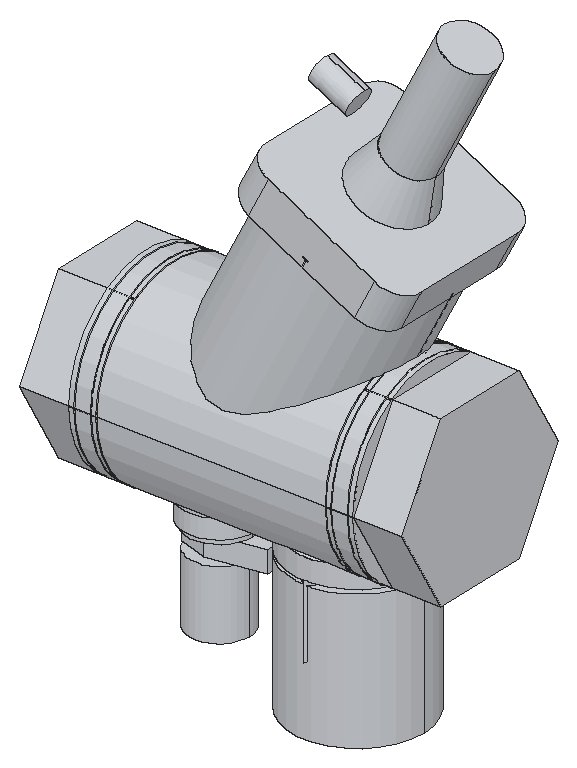
Revit family "PV_Compact_DN050_ 20-80_FF_měř-vyp_RFA_2018", category Pipe Accessories, Revit 2018
Family settings
  Round Connector Dimension = Use Diameter
  Part Type = Valve - Breaks Into
  Work Plane-Based = No
  Always vertical = Yes
  Cut with Voids When Loaded = No
  Shared = No
Parameters (values of type "PV Compact DN50 FF s měřením a vypouštěním (20-80kPa)")
  magiProductId = "7572286e99104aaeaae4a504f9a6dd"
  magiProductFamilyId = "88c57951ecb64b5d83dd1d4eb8fc72"
  magiPartTypeId = 304
  isMeasuringValve [instance] = no
  ang2D [instance] = 0.00°
  Z7 = 15 mm
  Z6 = 46.8 mm
  Z5 = 109.2 mm
  Z4 = 93.6 mm
  Z3 = 15.6 mm
  Z2 = 78 mm
  XR3 = 42.5 mm
  XR2 = 37.5 mm
  XR1 = 25.5 mm
  W2D = 15 mm
  VersionID = "2.0/2018.12.13.2/FRESE_PV_COMPACT_PLUG_Q13_001"
  Use Minimum Symbol Size [instance] = no
  URL = "www.hydronic.cz"
  Type Comments = "závitový s vnitřním závitem; s měřicí vsuvkou a vypouštěním; PN25; dpmax=450kPa; -10~+120°C"
  R5 = 5 mm
  R4 = 15 mm
  R3 = 10 mm
  R2 = 35.25 mm
  R1 = 31.5 mm
  QmdConnectorList = "301;D;302;D"
  Productdata [instance] = ""
  PH__ve = -PH  # -26.4 mm
  PH = 26.4 mm
  NL__ve = -NL  # -27.6 mm
  NL = 27.6 mm
  Manufacturer = "Hydronic Systems Prague s.r.o."
  MC Use Limits From Balancing Method = no
  MC Throttling Minimum Value = 0
  MC Throttling Maximum Value = 0
  MC Product Code = "53-3250 DN50; FF; nastavitelný rozsah dp=20~80kPa; Q=5000~11500l/h;  kvs=16,2"
  MC Pressure Drop Minimum Value = 0.0 Pa
  MC Pressure Drop Maximum Value = 0.0 Pa
  MC Piping Given Pressure Drop [instance] = 0.0 Pa
  M5 = 51.4 mm
  M4 = 49.4 mm
  M3 = 43.4 mm
  M2 = 41.4 mm
  LP = 69 mm
  LM = 82.8 mm
  LL__ve = -LL  # -7.7 mm
  LLT__ve = -LLT  # -28.9 mm
  LLT = 28.9 mm
  LL2 = 52 mm
  LL = 7.7 mm
  L3 = 25 mm
  L2D_Min = 30.48 mm
  L2D = 65 mm
  Description = "Nastavitelný regulátor tlakové diference"
  DR1 = yes
  DR0 = no
  DL2 = 86 mm
  D = 50 mm
  CenSd_R2_6 = R2 * cos(30.00°)  # 30.527 mm
  CAT0 = yes
  C0D1 = yes
  C0D0 = no
Types (10, lengths in mm): name | magiProductId | Z6 | Z5 | Z4 | Z3 | Z2 | XR3 | XR2 | XR1 | R2 | R1 | PH__ve | PH | NL__ve | NL | MC Product Code | M5 | M4 | M3 | M2 | LP | LM | LL__ve | LLT__ve | LLT | LL2 | LL | L3 | DL2 | D | CenSd_R2_6
  PV Compact DN15 FF s měřením a vypouštěním (20-60kPa) | "ebd4dd38c61a47e78db1b31e427098" | 24.6 | 57.4 | 49.2 | 8.2 | 41 | 30 | 25 | 13 | 14 | 19 | -22.4 | 22.4 | -15 | 15 | "53-3243 DN15; FF; nastavitelný rozsah dp=20~60kPa; Q=100~1000l/h;  kvs=2,9" | 32.5 | 30.5 | 24.5 | 22.5 | 37.5 | 45 | -5.7 | -14.9 | 14.9 | 32 | 5.7 | 11 | 66 | 15 | 12.124
  PV Compact DN15 FF s měřením a vypouštěním ( 5-30kPa) | "1e13aaf8f1b54965adca1ab26bd771" | 24.6 | 57.4 | 49.2 | 8.2 | 41 | 30 | 25 | 13 | 14 | 19 | -22.4 | 22.4 | -15 | 15 | "53-3242 DN15; FF; nastavitelný rozsah dp=5~30kPa; Q=50~600l/h;  kvs=2,9" | 32.5 | 30.5 | 24.5 | 22.5 | 37.5 | 45 | -5.7 | -14.9 | 14.9 | 32 | 5.7 | 11 | 66 | 15 | 12.124
  PV Compact DN20 FF s měřením a vypouštěním (20-60kPa) | "6d4e29c475624129ae1d8630218e83" | 24.6 | 57.4 | 49.2 | 8.2 | 41 | 30 | 25 | 13 | 14 | 19 | -22.4 | 22.4 | -15.8 | 15.8 | "53-3245 DN20; FF; nastavitelný rozsah dp=20~60kPa; Q=150~2000l/h;  kvs=3,5" | 33.7 | 31.7 | 25.7 | 23.7 | 39.5 | 47.4 | -5.7 | -14.9 | 14.9 | 32 | 5.7 | 11 | 66 | 20 | 12.124
  PV Compact DN20 FF s měřením a vypouštěním ( 5-30kPa) | "3c7d936801344d2a9486b3d5f20c15" | 24.6 | 57.4 | 49.2 | 8.2 | 41 | 30 | 25 | 13 | 14 | 19 | -22.4 | 22.4 | -15.8 | 15.8 | "53-3244 DN20; FF; nastavitelný rozsah dp=5~30kPa; Q=100~1000l/h;  kvs=3,5" | 33.7 | 31.7 | 25.7 | 23.7 | 39.5 | 47.4 | -5.7 | -14.9 | 14.9 | 32 | 5.7 | 11 | 66 | 20 | 12.124
  PV Compact DN25 FF s měřením a vypouštěním ( 5-30kPa) | "40b783a088714ff8af367f7ba18a04" | 25.5 | 59.5 | 51 | 8.5 | 42.5 | 30 | 25 | 13 | 14 | 19 | -22.8 | 22.8 | -16.6 | 16.6 | "53-3251 DN25; FF; nastavitelný rozsah dp=5~30kPa; Q=600~2100l/h;  kvs=4,0" | 34.9 | 32.9 | 26.9 | 24.9 | 41.5 | 49.8 | -5.9 | -16.3 | 16.3 | 34 | 5.9 | 11 | 68 | 25 | 12.124
  PV Compact DN25L FF s měřením a vypouštěním (20-80kPa) | "7052257d0cc94620b8f60c4ac85ccd" | 40.2 | 93.8 | 80.4 | 13.4 | 67 | 42.5 | 37.5 | 25.5 | 26.5 | 31.5 | -23.6 | 23.6 | -20 | 20 | "53-3247 DN25; FF; nastavitelný rozsah dp=20~80kPa; Q=750~4200l/h;  kvs=8,7" | 40 | 38 | 32 | 30 | 50 | 60 | -6.3 | -19.1 | 19.1 | 38 | 6.3 | 11 | 72 | 25 | 22.95
  PV Compact DN25L FF s měřením a vypouštěním ( 5-30kPa) | "006ff7ff77e34fd39e52f3f4c37192" | 40.2 | 93.8 | 80.4 | 13.4 | 67 | 42.5 | 37.5 | 25.5 | 26.5 | 31.5 | -23.6 | 23.6 | -20 | 20 | "53-3246 DN25L; FF; nastavitelný rozsah dp=5~30kPa; Q=600~2500l/h;  kvs=8,7" | 40 | 38 | 32 | 30 | 50 | 60 | -6.3 | -19.1 | 19.1 | 38 | 6.3 | 11 | 72 | 25 | 22.95
  PV Compact DN32 FF s měřením a vypouštěním (20-80kPa) | "e53839f5e58040c69ad69dcf8b7122" | 40.2 | 93.8 | 80.4 | 13.4 | 67 | 42.5 | 37.5 | 25.5 | 26.5 | 31.5 | -24.6 | 24.6 | -20.8 | 20.8 | "53-3248 DN32; FF; nastavitelný rozsah dp=20~80kPa; Q=1000~5000l/h;  kvs=10,1" | 41.2 | 39.2 | 33.2 | 31.2 | 52 | 62.4 | -6.8 | -22.6 | 22.6 | 43 | 6.8 | 25 | 77 | 32 | 22.95
  PV Compact DN40 FF s měřením a vypouštěním (20-80kPa) | "edae53f0ee9843aa9c005a0dbc2db4" | 46.8 | 109.2 | 93.6 | 15.6 | 78 | 42.5 | 37.5 | 25.5 | 26.5 | 31.5 | -25.2 | 25.2 | -27.6 | 27.6 | "53-3249 DN40; FF; nastavitelný rozsah dp=20~80kPa; Q=3000~8000l/h;  kvs=15,8" | 51.4 | 49.4 | 43.4 | 41.4 | 69 | 82.8 | -7.1 | -24.7 | 24.7 | 46 | 7.1 | 25 | 80 | 40 | 22.95
  PV Compact DN50 FF s měřením a vypouštěním (20-80kPa) | "7572286e99104aaeaae4a504f9a6dd" | 46.8 | 109.2 | 93.6 | 15.6 | 78 | 42.5 | 37.5 | 25.5 | 35.25 | 31.5 | -26.4 | 26.4 | -27.6 | 27.6 | "53-3250 DN50; FF; nastavitelný rozsah dp=20~80kPa; Q=5000~11500l/h;  kvs=16,2" | 51.4 | 49.4 | 43.4 | 41.4 | 69 | 82.8 | -7.7 | -28.9 | 28.9 | 52 | 7.7 | 25 | 86 | 50 | 30.527
Reference planes
  plane 1 "Center (Front/Back)": y = 0
  plane 2 "XYPLANE": z = 0
  plane 3 "Center (Left/Right)": x = 0
  plane 4 "408": x = 69
  plane 5 "407": x = -69
  plane 6 "402": z = -86
  plane 7 "213": x = 25
  plane 8 "168": z = -24.9
  plane 9 "167": z = -26.9
  plane 10 "166": z = -34.6
  plane 11 "165": z = -42.3
  plane 12 "164": z = -44.3
  plane 13 "154": z = 0
  plane 14 "152": y = 0
  plane 15 "151": z = -52
  plane 16 "150": x = -25
  plane 17 "75": through (307.08, 0, 685.28) normal (0.891, 0, -0.454)
  plane 18 "74": x = 51.4
  plane 19 "73": x = 49.4
  plane 20 "72": x = 43.4
  plane 21 "71": x = 41.4
  plane 22 "70": x = -51.4
  plane 23 "69": x = -49.4
  plane 24 "68": x = -43.4
  plane 25 "67": y = 0
  plane 26 "66": through (-666.893, 0, 343.166) normal (0.454, 0, 0.891)
  plane 27 "65": x = -41.4
  plane 28 "64": through (335.147, 0, 670.979) normal (0.891, 0, -0.454)
  plane 29 "63": through (-632.844, 0, 409.991) normal (0.454, 0, 0.891)
  plane 30 "62": through (363.214, 0, 656.678) normal (0.891, 0, -0.454)
  plane 31 "61": y = 31.5
  plane 32 "60": y = -31.5
  plane 33 "59": through (-625.761, 0, 423.891) normal (0.454, 0, 0.891)
  plane 34 "58": through (-618.679, 0, 437.791) normal (0.454, 0, 0.891)
  plane 35 "57": through (302.625, 0, 687.549) normal (0.891, 0, -0.454)
  plane 36 "56": x = 0
  plane 37 "55": through (-668.255, 0, 340.493) normal (0.454, 0, 0.891)
  plane 38 "102XY": through (-668.255, 0, 340.493) normal (0.454, 0, 0.891)
  plane 39 "102XZ": y = 0
  plane 40 "102YZ": through (340.493, 0, 668.255) normal (0.891, 0, -0.454)
Forms (mm)
  Extrusion 1, solid
    sketch origin (69, -750, 0) x (0, 1, 0) y (0, 0, 1)
      loop
        line (785.25, 0) -> (767.625, 30.527) -> (732.375, 30.527) -> (714.75, 0) -> (732.375, -30.527) -> (767.625, -30.527) -> (785.25, 0)
    from 0 to -27.6 <- "NL__ve"
  Extrusion 2, solid
    sketch origin (-69, -750, 0) x (0, 1, 0) y (0, 0, 1)
      loop
        line (714.75, 0) -> (732.375, -30.527) -> (767.625, -30.527) -> (785.25, 0) -> (767.625, 30.527) -> (732.375, 30.527) -> (714.75, 0)
    from 0 to 27.6 <- "NL"
  Extrusion 3, solid, visible <- "C0D1"
    sketch origin (-750, 0, -86) x (1, 0, 0) y (0, 1, 0)
      loop
        circle (775, 0) r 24
    from 0 to 50
  Extrusion 4, solid, visible <- "DR1"
    sketch origin (-750, 0, -34.6) x (1, 0, 0) y (0, 1, 0)
      loop
        line (775, -24.5) -> (790.292, -6) -> (790.292, 6) -> (775, 24.5) -> (750.608, 6) -> (750.608, -6) -> (775, -24.5)
    from 0 to -26.4 <- "PH__ve"
  Extrusion 5, solid, visible <- "DR1"
    sketch origin (-750, 0, -34.6) x (1, 0, 0) y (0, 1, 0)
      loop
        circle (775, 0) r 24
    from 0 to 7.7 <- "LL"
  Blend 6, solid, visible <- "DR1"
    base sketch origin (-750, 0, -24.9) x (1, 0, 0) y (0, 1, 0)
      loop
        circle (775, 0) r 21.5
    top sketch origin (-750, 0, -24.9) x (1, 0, 0) y (0, 1, 0)
      loop
        circle (775, 0) r 24
    from 0 to -2
  Extrusion 7, solid, visible <- "DR1"
    sketch origin (-750, 0, 0) x (1, 0, 0) y (0, 1, 0)
      loop
        circle (775, 0) r 21.5
    from 0 to -28.9 <- "LLT__ve"
  Extrusion 8, solid, visible <- "C0D0"
    sketch origin (-750, 0, -52) x (1, 0, 0) y (0, 1, 0)
      loop
        circle (775, 0) r 20
    from 0 to -25
  Extrusion 9, solid, visible <- "DR0"
    sketch origin (-750, 0, -44.3) x (1, 0, 0) y (0, 1, 0)
      loop
        line (775, -7) -> (785.962, -3.5) -> (785.962, 3.5) -> (775, 7) -> (754.938, 3.5) -> (754.938, -3.5) -> (775, -7)
    from 0 to -7.7 <- "LL__ve"
  Extrusion 10, solid, visible <- "DR0"
    sketch origin (-750, 0, -44.3) x (1, 0, 0) y (0, 1, 0)
      loop
        circle (775, 0) r 21
    from 0 to 2
  Extrusion 11, solid, visible <- "DR0"
    sketch origin (-750, 0, -34.6) x (1, 0, 0) y (0, 1, 0)
      loop
        circle (775, 0) r 23
    from 0 to 7.7 <- "LL"
  Blend 12, solid, visible <- "DR0"
    base sketch origin (-750, 0, -24.9) x (1, 0, 0) y (0, 1, 0)
      loop
        circle (775, 0) r 20.5
    top sketch origin (-750, 0, -24.9) x (1, 0, 0) y (0, 1, 0)
      loop
        circle (775, 0) r 23
    from 0 to -2
  Extrusion 13, solid, visible <- "DR0"
    sketch origin (-750, 0, 0) x (1, 0, 0) y (0, 1, 0)
      loop
        circle (775, 0) r 20.5
    from 0 to -28.9 <- "LLT__ve"
  Extrusion 14, solid, visible <- "DR0"
    sketch origin (-750, 0, 0) x (1, 0, 0) y (0, 1, 0)
      loop
        circle (775, 0) r 20.5
    from 0 to -28.9 <- "LLT__ve"
  Blend 15, solid, visible <- "DR0"
    base sketch origin (-750, 0, -24.9) x (1, 0, 0) y (0, 1, 0)
      loop
        circle (775, 0) r 20.5
    top sketch origin (-750, 0, -24.9) x (1, 0, 0) y (0, 1, 0)
      loop
        circle (775, 0) r 23
    from 0 to -2
  Extrusion 16, solid, visible <- "DR0"
    sketch origin (-750, 0, -34.6) x (1, 0, 0) y (0, 1, 0)
      loop
        circle (775, 0) r 23
    from 0 to 7.7 <- "LL"
  Extrusion 17, solid, visible <- "DR0"
    sketch origin (-750, 0, -42.3) x (1, 0, 0) y (0, 1, 0)
      loop
        circle (775, 0) r 22
    from 0 to 7.7 <- "LL"
  Extrusion 18, solid, visible <- "DR0"
    sketch origin (-750, 0, -44.3) x (1, 0, 0) y (0, 1, 0)
      loop
        circle (775, 0) r 21
    from 0 to 2
  Extrusion 19, solid, visible <- "DR0"
    sketch origin (-750, 0, -44.3) x (1, 0, 0) y (0, 1, 0)
      loop
        line (775, -7) -> (785.962, -3.5) -> (785.962, 3.5) -> (775, 7) -> (754.938, 3.5) -> (754.938, -3.5) -> (775, -7)
    from 0 to -7.7 <- "LL__ve"
  Extrusion 20, solid, visible <- "C0D0"
    sketch origin (-750, 0, -52) x (1, 0, 0) y (0, 1, 0)
      loop
        circle (775, 0) r 20
    from 0 to -25
  Extrusion 21, solid, visible <- "CAT0"
    sketch origin (-750, 0, -52) x (1, 0, 0) y (0, 1, 0)
      loop
        circle (725, 0) r 10.9
    from 0 to -25
  Extrusion 22, solid
    sketch origin (-750, 0, -44.3) x (1, 0, 0) y (0, 1, 0)
      loop
        line (725, -7) -> (745.062, -3.5) -> (745.062, 3.5) -> (725, 7) -> (714.038, 3.5) -> (714.038, -3.5) -> (725, -7)
    from 0 to -7.7 <- "LL__ve"
  Extrusion 23, solid
    sketch origin (-750, 0, -44.3) x (1, 0, 0) y (0, 1, 0)
      loop
        circle (725, 0) r 11.9
    from 0 to 2
  Extrusion 24, solid
    sketch origin (-750, 0, -42.3) x (1, 0, 0) y (0, 1, 0)
      loop
        circle (725, 0) r 12.9
    from 0 to 7.7 <- "LL"
  Extrusion 25, solid
    sketch origin (-750, 0, -34.6) x (1, 0, 0) y (0, 1, 0)
      loop
        circle (725, 0) r 13.9
    from 0 to 7.7 <- "LL"
  Blend 26, solid
    base sketch origin (-750, 0, -24.9) x (1, 0, 0) y (0, 1, 0)
      loop
        circle (725, 0) r 11.4
    top sketch origin (-750, 0, -24.9) x (1, 0, 0) y (0, 1, 0)
      loop
        circle (725, 0) r 13.9
    from 0 to -2
  Extrusion 27, solid
    sketch origin (-750, 0, 0) x (1, 0, 0) y (0, 1, 0)
      loop
        circle (725, 0) r 11.4
    from 0 to -28.9 <- "LLT__ve"
  Blend 28, solid, visible <- "CAT0"
    base sketch origin (49.4, -750, 0) x (0, 1, 0) y (0, 0, 1)
      loop
        circle (750, 0) r 35.25
    top sketch origin (49.4, -750, 0) x (0, 1, 0) y (0, 0, 1)
      loop
        circle (750, 0) r 35.25
    from 0 to 2
  Extrusion 29, solid, visible <- "CAT0"
    sketch origin (43.4, -750, 0) x (0, 1, 0) y (0, 0, 1)
      loop
        circle (750, 0) r 35.25
    from 0 to 6
  Blend 30, solid, visible <- "CAT0"
    base sketch origin (41.4, -750, 0) x (0, 1, 0) y (0, 0, 1)
      loop
        circle (750, 0) r 35.25
    top sketch origin (41.4, -750, 0) x (0, 1, 0) y (0, 0, 1)
      loop
        circle (750, 0) r 35.25
    from 0 to 2
  Blend 31, solid, visible <- "CAT0"
    base sketch origin (-49.4, -750, 0) x (0, 1, 0) y (0, 0, 1)
      loop
        circle (750, 0) r 35.25
    top sketch origin (-49.4, -750, 0) x (0, 1, 0) y (0, 0, 1)
      loop
        circle (750, 0) r 35.25
    from 0 to -2
  Extrusion 32, solid, visible <- "CAT0"
    sketch origin (-49.4, -750, 0) x (0, 1, 0) y (0, 0, 1)
      loop
        circle (750, 0) r 35.25
    from 0 to 6
  Blend 33, solid, visible <- "CAT0"
    base sketch origin (-43.4, -750, 0) x (0, 1, 0) y (0, 0, 1)
      loop
        circle (750, 0) r 35.25
    top sketch origin (-43.4, -750, 0) x (0, 1, 0) y (0, 0, 1)
      loop
        circle (750, 0) r 35.25
    from 0 to 2
  Extrusion 34, solid, visible <- "CAT0"
    sketch origin (-41.4, -750, 0) x (0, 1, 0) y (0, 0, 1)
      loop
        circle (750, 0) r 35.25
    from 0 to 82.8 <- "LM"
  Extrusion 35, solid, visible <- "CAT0"
    sketch origin (-666.893, 0, 343.166) x (0.891007, 0, -0.45399) y (0, 1, 0)
      loop
        circle (744, 0) r 31.5
    from 0 to 78 <- "Z2"
  Extrusion 36, solid, visible <- "CAT0"
    sketch origin (-632.844, 0, 409.991) x (0.891007, 0, -0.45399) y (0, 1, 0)
      loop
        arc (722.5, 31.5) -> (715.429, 28.571) -> (712.5, 21.5) r 10
        line (712.5, 21.5) -> (712.5, -21.5)
        arc (712.5, -21.5) -> (715.429, -28.571) -> (722.5, -31.5) r 10
        line (722.5, -31.5) -> (765.5, -31.5)
        arc (765.5, -31.5) -> (772.571, -28.571) -> (775.5, -21.5) r 10
        line (775.5, -21.5) -> (775.5, 21.5)
        arc (775.5, 21.5) -> (772.571, 28.571) -> (765.5, 31.5) r 10
        line (765.5, 31.5) -> (722.5, 31.5)
    from 0 to 15.6 <- "Z3"
  Blend 37, solid, visible <- "CAT0"
    base sketch origin (-625.761, 0, 423.891) x (0.891007, 0, -0.45399) y (0, 1, 0)
      loop
        circle (744, 0) r 15
    top sketch origin (-625.761, 0, 423.891) x (0.891007, 0, -0.45399) y (0, 1, 0)
      loop
        circle (744, 0) r 10
    from 0 to 15.6
  Extrusion 38, solid, visible <- "CAT0"
    sketch origin (-618.679, 0, 437.791) x (0.891007, 0, -0.45399) y (0, 1, 0)
      loop
        circle (744, 0) r 10
    from 0 to 46.8 <- "Z6"
  Extrusion 39, solid, visible <- "CAT0"
    sketch origin (302.625, 0, 687.549) x (-0.45399, 0, -0.891007) y (0, 1, 0)
      loop
        circle (640.8, 0) r 5
    from 0 to 15 <- "Z7"
  Blend 40, solid, visible <- "CAT0"
    base sketch origin (-668.255, 0, 340.493) x (0.891007, 0, -0.45399) y (0, 1, 0)
      loop
        circle (744, 0) r 27.5
    top sketch origin (-668.255, 0, 340.493) x (0.891007, 0, -0.45399) y (0, 1, 0)
      loop
        circle (744, 0) r 31.5
    from 0 to 3
  Extrusion 41, solid, not visible
    sketch origin (-51.4, -750, 0) x (0, 1, 0) y (0, 0, 1)
      loop
        circle (750, 0) r 22.5
    from 0 to 10
  Extrusion 42, solid, not visible
    sketch origin (51.4, -750, 0) x (0, 1, 0) y (0, 0, 1)
      loop
        circle (750, 0) r 22.5
    from 0 to -10
Lines and regions (mm)
  reference lines, not visible
    curve 1: circle (2, 2, 0) r 1 normal (0, 0, 1)
  reference lines
    curve 2: line (69, 0, 0) -> (69, -3.5, 6.062)
    curve 3: line (69, 0, 0) -> (69, -7, 0)
    curve 4: line (69, 0, 0) -> (69, -3.5, -6.062)
    curve 5: line (-69, 0, 0) -> (-69, 3.5, 6.062)
    curve 6: line (-69, 0, 0) -> (-69, 7, 0)
    curve 7: line (-69, 0, 0) -> (-69, 3.5, -6.062)
Dimensions and locks
  plane 1 "Center (Front/Back)" to curve 1 = 2 mm
  "LP": plane 36 "56" to plane 4 "408"
  "LP": plane 36 "56" to plane 5 "407"
  "DL2": plane 2 "XYPLANE" to plane 6 "402"
  "L3": plane 3 "Center (Left/Right)" to plane 7 "213"
  locked: plane 9 "167" to plane 8 "168" at 2
  "LL": plane 10 "166" to plane 9 "167"
  "LL": plane 11 "165" to plane 10 "166"
  locked: plane 12 "164" to plane 11 "165" at 2
  "LL": plane 15 "151" to plane 12 "164"
  locked: plane 2 "XYPLANE" to plane 13 "154"
  locked: plane 1 "Center (Front/Back)" to plane 14 "152"
  "LL2": plane 2 "XYPLANE" to plane 15 "151"
  "L3": plane 3 "Center (Left/Right)" to plane 16 "150"
  "XR2": plane 40 "102YZ" to plane 17 "75"
  "M5": plane 3 "Center (Left/Right)" to plane 18 "74"
  "M4": plane 3 "Center (Left/Right)" to plane 19 "73"
  "M3": plane 3 "Center (Left/Right)" to plane 20 "72"
  "M2": plane 3 "Center (Left/Right)" to plane 21 "71"
  "M5": plane 3 "Center (Left/Right)" to plane 22 "70"
  "M4": plane 3 "Center (Left/Right)" to plane 23 "69"
  "M3": plane 3 "Center (Left/Right)" to plane 24 "68"
  locked: plane 14 "152" to plane 25 "67"
  locked: plane 38 "102XY" to plane 26 "66" at 3
  "M2": plane 3 "Center (Left/Right)" to plane 27 "65"
  locked: plane 40 "102YZ" to plane 28 "64" at 6
  "Z2": plane 38 "102XY" to plane 29 "63"
  "XR1": plane 40 "102YZ" to plane 30 "62"
  "R1": plane 14 "152" to plane 31 "61"
  "R1": plane 14 "152" to plane 32 "60"
  "Z4": plane 38 "102XY" to plane 33 "59"
  "Z5": plane 38 "102XY" to plane 34 "58"
  "XR3": plane 40 "102YZ" to plane 35 "57"
  locked: plane 3 "Center (Left/Right)" to plane 36 "56"
  locked: plane 38 "102XY" to plane 37 "55"
  "CenSd_R2_6": curve 2 to Extrusion 1 sketch curve  (x2)
  "CenSd_R2_6": curve 3 to Extrusion 1 sketch curve  (x2)
  "CenSd_R2_6": curve 4 to Extrusion 1 sketch curve  (x2)
  Extrusion 1 sketch curve to Extrusion 1 sketch curve = 0 mm  (x12)
  "CenSd_R2_6": curve 5 to Extrusion 2 sketch curve  (x2)
  "CenSd_R2_6": curve 6 to Extrusion 2 sketch curve  (x2)
  "CenSd_R2_6": curve 7 to Extrusion 2 sketch curve  (x2)
  Extrusion 2 sketch curve to Extrusion 2 sketch curve = 0 mm  (x12)
  Extrusion 4 sketch curve to Extrusion 4 sketch curve = 0 mm  (x12)
  Extrusion 9 sketch curve to Extrusion 9 sketch curve = 0 mm  (x12)
  Extrusion 19 sketch curve to Extrusion 19 sketch curve = 0 mm  (x12)
  Extrusion 22 sketch curve to Extrusion 22 sketch curve = 0 mm  (x12)
  Extrusion 36 sketch curve to Extrusion 36 sketch curve = 0 mm  (x16)
  "R2": radius of Blend 28 sketch curve  (x2)
  "R2": radius of Extrusion 29 sketch curve
  "R2": radius of Blend 30 sketch curve  (x2)
  "R2": radius of Blend 31 sketch curve  (x2)
  "R2": radius of Extrusion 32 sketch curve
  "R2": radius of Blend 33 sketch curve  (x2)
  "R2": radius of Extrusion 34 sketch curve
  "R1": radius of Extrusion 35 sketch curve
  radius of Extrusion 36 sketch curve = 10 mm  (x4)
  "R3": radius of Blend 37 sketch curve
  "R4": radius of Blend 37 sketch curve
  "R3": radius of Extrusion 38 sketch curve
  "R5": radius of Extrusion 39 sketch curve
  "R1": radius of Blend 40 sketch curve
  locked: curve 3 to curve 2 (angle 60.00°)
  locked: curve 4 to curve 3 (angle 60.00°)
  locked: curve 4 to curve 2 (angle 120.00°)
  locked: curve 6 to curve 5 (angle 60.00°)
  locked: curve 7 to curve 6 (angle 60.00°)
  locked: curve 7 to curve 5 (angle 120.00°)
  aligned and locked: level to plane 2 "XYPLANE"
  aligned and locked: plane 13 "154" to curve 4
  aligned and locked: curve 4 to plane 14 "152"
  aligned and locked: plane 13 "154" to curve 7
  aligned and locked: curve 7 to plane 14 "152"
  aligned and locked: plane 7 "213" to Extrusion 3 sketch curve
  aligned and locked: plane 14 "152" to Extrusion 3 sketch curve
  aligned and locked: plane 7 "213" to Extrusion 5 sketch curve
  aligned and locked: plane 14 "152" to Extrusion 5 sketch curve
  aligned and locked: plane 7 "213" to Blend 6 sketch curve  (x2)
  aligned and locked: plane 14 "152" to Blend 6 sketch curve  (x2)
  aligned and locked: Blend 6 to plane 9 "167"
  aligned and locked: plane 7 "213" to Extrusion 7 sketch curve
  aligned and locked: plane 14 "152" to Extrusion 7 sketch curve
  aligned and locked: plane 7 "213" to Extrusion 8 sketch curve
  aligned and locked: plane 14 "152" to Extrusion 8 sketch curve
  aligned and locked: plane 7 "213" to Extrusion 10 sketch curve
  aligned and locked: plane 14 "152" to Extrusion 10 sketch curve
  aligned and locked: plane 7 "213" to Extrusion 11 sketch curve
  aligned and locked: plane 14 "152" to Extrusion 11 sketch curve
  aligned and locked: plane 7 "213" to Blend 12 sketch curve  (x2)
  aligned and locked: plane 14 "152" to Blend 12 sketch curve  (x2)
  aligned and locked: Blend 12 to plane 9 "167"
  aligned and locked: plane 7 "213" to Extrusion 13 sketch curve
  aligned and locked: plane 14 "152" to Extrusion 13 sketch curve
  aligned and locked: plane 7 "213" to Extrusion 14 sketch curve
  aligned and locked: plane 14 "152" to Extrusion 14 sketch curve
  aligned and locked: plane 7 "213" to Blend 15 sketch curve  (x2)
  aligned and locked: plane 14 "152" to Blend 15 sketch curve  (x2)
  aligned and locked: Blend 15 to plane 9 "167"
  aligned and locked: plane 7 "213" to Extrusion 16 sketch curve
  aligned and locked: plane 14 "152" to Extrusion 16 sketch curve
  aligned and locked: plane 7 "213" to Extrusion 17 sketch curve
  aligned and locked: plane 14 "152" to Extrusion 17 sketch curve
  aligned and locked: plane 7 "213" to Extrusion 18 sketch curve
  aligned and locked: plane 14 "152" to Extrusion 18 sketch curve
  aligned and locked: plane 7 "213" to Extrusion 20 sketch curve
  aligned and locked: plane 14 "152" to Extrusion 20 sketch curve
  aligned and locked: plane 14 "152" to Extrusion 21 sketch curve
  aligned and locked: plane 16 "150" to Extrusion 21 sketch curve
  aligned and locked: plane 14 "152" to Extrusion 23 sketch curve
  aligned and locked: plane 16 "150" to Extrusion 23 sketch curve
  aligned and locked: plane 14 "152" to Extrusion 24 sketch curve
  aligned and locked: plane 16 "150" to Extrusion 24 sketch curve
  aligned and locked: plane 14 "152" to Extrusion 25 sketch curve
  aligned and locked: plane 16 "150" to Extrusion 25 sketch curve
  aligned and locked: plane 14 "152" to Blend 26 sketch curve  (x2)
  aligned and locked: plane 16 "150" to Blend 26 sketch curve  (x2)
  aligned and locked: Blend 26 to plane 9 "167"
  aligned and locked: plane 14 "152" to Extrusion 27 sketch curve
  aligned and locked: plane 16 "150" to Extrusion 27 sketch curve
  aligned and locked: plane 13 "154" to Blend 28 sketch curve  (x2)
  aligned and locked: Blend 28 sketch curve to plane 14 "152"  (x2)
  aligned and locked: plane 18 "74" to Blend 28
  aligned and locked: plane 13 "154" to Extrusion 29 sketch curve
  aligned and locked: Extrusion 29 sketch curve to plane 14 "152"
  aligned and locked: plane 13 "154" to Blend 30 sketch curve  (x2)
  aligned and locked: Blend 30 sketch curve to plane 14 "152"  (x2)
  aligned and locked: plane 20 "72" to Blend 30
  aligned and locked: plane 13 "154" to Blend 31 sketch curve  (x2)
  aligned and locked: Blend 31 sketch curve to plane 14 "152"  (x2)
  aligned and locked: Blend 31 to plane 22 "70"
  aligned and locked: plane 13 "154" to Extrusion 32 sketch curve
  aligned and locked: Extrusion 32 sketch curve to plane 14 "152"
  aligned and locked: plane 13 "154" to Blend 33 sketch curve  (x2)
  aligned and locked: Blend 33 sketch curve to plane 14 "152"  (x2)
  aligned and locked: plane 27 "65" to Blend 33
  aligned and locked: plane 13 "154" to Extrusion 34 sketch curve
  aligned and locked: Extrusion 34 sketch curve to plane 14 "152"
  aligned and locked: plane 25 "67" to Extrusion 35 sketch curve
  aligned and locked: Extrusion 35 sketch curve to plane 28 "64"
  aligned and locked: Extrusion 36 sketch curve to plane 17 "75"
  aligned and locked: Extrusion 36 sketch curve to plane 32 "60"
  aligned and locked: Extrusion 36 sketch curve to plane 30 "62"
  aligned and locked: plane 31 "61" to Extrusion 36 sketch curve
  aligned and locked: plane 25 "67" to Blend 37 sketch curve  (x2)
  aligned and locked: Blend 37 sketch curve to plane 28 "64"  (x2)
  aligned and locked: plane 34 "58" to Blend 37
  aligned and locked: plane 25 "67" to Extrusion 38 sketch curve
  aligned and locked: Extrusion 38 sketch curve to plane 28 "64"
  aligned and locked: plane 25 "67" to Extrusion 39 sketch curve
  aligned and locked: plane 34 "58" to Extrusion 39 sketch curve
  aligned and locked: plane 25 "67" to Blend 40 sketch curve  (x2)
  aligned and locked: Blend 40 sketch curve to plane 28 "64"  (x2)
  aligned and locked: plane 26 "66" to Blend 40
  aligned and locked: plane 13 "154" to Extrusion 41 sketch curve
  aligned and locked: Extrusion 41 sketch curve to plane 14 "152"
  aligned and locked: plane 13 "154" to Extrusion 42 sketch curve
  aligned and locked: Extrusion 42 sketch curve to plane 14 "152"
Automatic sketch dimensions
  plane 3 "Center (Left/Right)" to Extrusion 3 sketch curve = 1 mm
  Extrusion 4 sketch curve to plane 7 "213" = 0 mm  (x2)
  plane 3 "Center (Left/Right)" to Extrusion 4 sketch curve = 0.608 mm
  Extrusion 4 sketch curve to plane 21 "71" = 1.108 mm
  plane 32 "60" to Extrusion 4 sketch curve = 7 mm
  plane 1 "Center (Front/Back)" to Extrusion 4 sketch curve = 6 mm  (x2)
  Extrusion 4 sketch curve to plane 1 "Center (Front/Back)" = 6 mm  (x2)
  Extrusion 4 sketch curve to plane 31 "61" = 7 mm
  plane 3 "Center (Left/Right)" to Extrusion 5 sketch curve = 1 mm
  plane 3 "Center (Left/Right)" to Blend 6 sketch curve = 3.5 mm
  plane 3 "Center (Left/Right)" to Blend 6 sketch curve = 1 mm
  plane 3 "Center (Left/Right)" to Extrusion 7 sketch curve = 3.5 mm
  plane 3 "Center (Left/Right)" to Extrusion 8 sketch curve = 5 mm
  Extrusion 9 sketch curve to plane 7 "213" = 0 mm  (x2)
  plane 3 "Center (Left/Right)" to Extrusion 9 sketch curve = 4.938 mm
  Extrusion 9 sketch curve to plane 21 "71" = 5.438 mm
  plane 1 "Center (Front/Back)" to Extrusion 9 sketch curve = 7 mm
  plane 1 "Center (Front/Back)" to Extrusion 9 sketch curve = 3.5 mm  (x2)
  Extrusion 9 sketch curve to plane 1 "Center (Front/Back)" = 3.5 mm  (x2)
  Extrusion 9 sketch curve to Extrusion 9 sketch curve = 3.5 mm
  plane 3 "Center (Left/Right)" to Extrusion 10 sketch curve = 4 mm
  plane 3 "Center (Left/Right)" to Extrusion 11 sketch curve = 2 mm
  plane 3 "Center (Left/Right)" to Blend 12 sketch curve = 4.5 mm
  plane 3 "Center (Left/Right)" to Blend 12 sketch curve = 2 mm
  plane 3 "Center (Left/Right)" to Extrusion 13 sketch curve = 4.5 mm
  plane 3 "Center (Left/Right)" to Extrusion 14 sketch curve = 4.5 mm
  plane 3 "Center (Left/Right)" to Blend 15 sketch curve = 4.5 mm
  plane 3 "Center (Left/Right)" to Blend 15 sketch curve = 2 mm
  plane 3 "Center (Left/Right)" to Extrusion 16 sketch curve = 2 mm
  plane 3 "Center (Left/Right)" to Extrusion 17 sketch curve = 3 mm
  plane 3 "Center (Left/Right)" to Extrusion 18 sketch curve = 4 mm
  Extrusion 19 sketch curve to plane 7 "213" = 0 mm  (x2)
  plane 3 "Center (Left/Right)" to Extrusion 19 sketch curve = 4.938 mm
  Extrusion 19 sketch curve to plane 21 "71" = 5.438 mm
  plane 1 "Center (Front/Back)" to Extrusion 19 sketch curve = 7 mm
  plane 1 "Center (Front/Back)" to Extrusion 19 sketch curve = 3.5 mm  (x2)
  Extrusion 19 sketch curve to plane 1 "Center (Front/Back)" = 3.5 mm  (x2)
  Extrusion 19 sketch curve to Extrusion 19 sketch curve = 3.5 mm
  plane 3 "Center (Left/Right)" to Extrusion 20 sketch curve = 5 mm
  plane 27 "65" to Extrusion 21 sketch curve = 5.5 mm
  Extrusion 22 sketch curve to plane 16 "150" = 0 mm  (x2)
  plane 27 "65" to Extrusion 22 sketch curve = 5.438 mm
  Extrusion 22 sketch curve to plane 3 "Center (Left/Right)" = 4.938 mm
  plane 1 "Center (Front/Back)" to Extrusion 22 sketch curve = 7 mm
  plane 1 "Center (Front/Back)" to Extrusion 22 sketch curve = 3.5 mm  (x2)
  Extrusion 22 sketch curve to plane 1 "Center (Front/Back)" = 3.5 mm  (x2)
  Extrusion 22 sketch curve to Extrusion 22 sketch curve = 3.5 mm
  plane 27 "65" to Extrusion 23 sketch curve = 4.5 mm
  plane 27 "65" to Extrusion 24 sketch curve = 3.5 mm
  plane 27 "65" to Extrusion 25 sketch curve = 2.5 mm
  plane 27 "65" to Blend 26 sketch curve = 5 mm
  plane 27 "65" to Blend 26 sketch curve = 2.5 mm
  plane 27 "65" to Extrusion 27 sketch curve = 5 mm
  plane 17 "75" to Blend 40 sketch curve = 4 mm
  plane 32 "60" to Extrusion 41 sketch curve = 9 mm
  plane 32 "60" to Extrusion 42 sketch curve = 9 mm
  plane 3 "Center (Left/Right)" to curve 1 = 2 mm
  radius of curve 1 = 1 mm
Connectors
  piping at (-51.4, 0, 0), diameter 50, driven by "D"
    settings: on Extrusion 41, index 1, connector inside diameter 609.6 mm, connector length 0 mm, flow factor 0, pipe flow 0.0 L/s, pressure drop 0.0 Pa, fitting loss kfactor 0, connector angle 0.00°, fixture units 0, engagement length 0 mm, angle of deflection 0.00°, flow configuration 0, flow direction 0, fitting loss method 0, system type 29, joint type 0, gender type 0, connector reference index 2, connector utility 0, adjustable connector no, is connector primary yes, connector description ""
  piping at (51.4, 0, 0), diameter 50, driven by "D"
    settings: on Extrusion 42, index 2, connector inside diameter 609.6 mm, connector length 0 mm, flow factor 0, pipe flow 0.0 L/s, pressure drop 0.0 Pa, fitting loss kfactor 0, connector angle 0.00°, fixture units 0, engagement length 0 mm, angle of deflection 0.00°, flow configuration 0, flow direction 0, fitting loss method 0, system type 29, joint type 0, gender type 0, connector reference index 1, connector utility 0, adjustable connector no, is connector primary no, connector description ""
